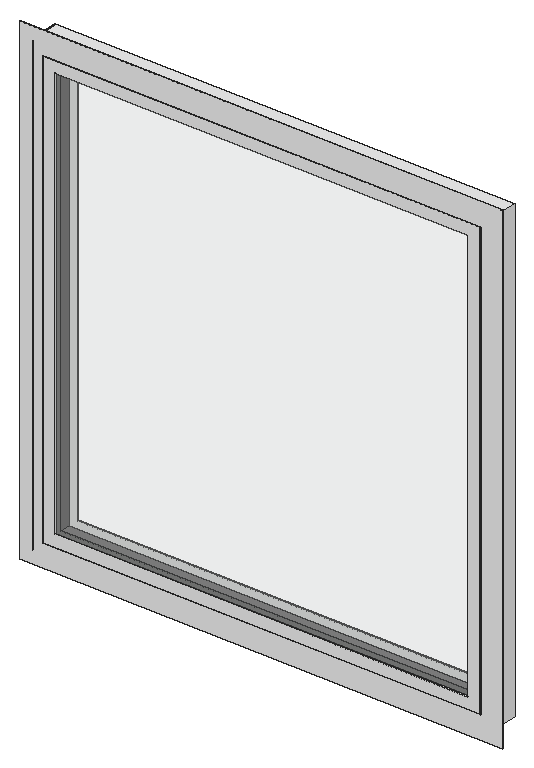
Revit family "Casement_36_F_Side_Hung_Custom", category Windows, host Wall, Revit 2014
Parameters (values of type "Casement_Sash_DG")
  Width Sash [instance] = 30 mm
  Width Sash Inner = 15 mm
  Width Bead = 15 mm
  Top Hung [instance] = yes
  Side Hung Right [instance] = yes
  Side Hung Left [instance] = yes
  Sash Opening Width [instance] = 600 mm
  Sash Opening Height [instance] = 600.312 mm
  Sash Lip = 15 mm
  Glazing Material [instance] = Glass
  DG Start Piece 2 [instance] = DG End Piece 1 + DG Gasket Thickness  # 25 mm
  DG Start Peice 1 [instance] = (Depth Sash - (2 * DG Glazing Thickness) - DG Gasket Thickness) / 2  # 6.6 mm
  Glazing Offset = 5 mm
  DG Glazing Thickness [instance] = 6.4 mm
  DG Gasket Thickness = 12 mm  # constant formula
  DG Gasket Material [instance] = Double Glazing Gasket Material
  DG End Piece 2 [instance] = DG Start Piece 2 + DG Glazing Thickness  # 31.4 mm
  DG End Piece 1 [instance] = DG Start Peice 1 + DG Glazing Thickness  # 13 mm
  Depth Sash [instance] = 38 mm
  Center Vertical Sash [instance] = Sash Opening Height / 2  # 300.156 mm
  Center Horizontal Sash [instance] = Sash Opening Width / 2  # 300 mm
  Bottom Hung [instance] = yes
  Bead Offset = 15 mm
  Aluminium Thickness = 1 mm
  Aluminium Material [instance] = White Powder Coated Aluminium
Reference planes
  plane 1 "Center (Front/Back)": y = 0
  plane 2: z = 0
  plane 3 "Center (Left/Right)": x = 0
Forms (mm)
  Sweep 1, solid, material "White Powder Coated Aluminium" <- "Aluminium Material"
    path origin (16.177, 0, 121.331) x (1, 0, 0) y (0, 0, 1)
      loop
        line (0, 0) -> (600, 0) -> (600, 600.312) -> (0, 600.312) -> (0, 0)
    profile origin (316.177, 0, 121.331) x (0, 0, 1) y (0, -1, 0)
      loop
        line (0, 0) -> (30, 0) -> (30, 1) -> (15, 1) -> (15, 38) -> (-15, 38) -> (-15, 37) -> (0, 37) -> (0, 0)
      loop
        line (14, 1) -> (14, 37) -> (1, 37) -> (1, 1) -> (14, 1)
  Sweep 2, solid, material "White Powder Coated Aluminium" <- "Aluminium Material"
    path origin (0, 0, 0) x (1, 0, 0) y (0, 0, 1)
      loop
        line (31.177, 706.643) -> (31.177, 136.331) -> (601.177, 136.331) -> (601.177, 706.643) -> (31.177, 706.643)
    profile origin (316.177, 0, 706.643) x (0, 0, 1) y (0, -1, 0)
      loop
        line (0, 37) -> (0, 38) -> (-15, 38) -> (-15, 37) -> (0, 37)
  Extrusion 3, solid, material "Glass" <- "Glazing Material"
    sketch origin (0, 0, 0) x (1, 0, 0) y (0, 0, 1)
      loop
        line (36.177, 701.643) -> (36.177, 141.331) -> (596.177, 141.331) -> (596.177, 701.643) -> (36.177, 701.643)
    from 6.6 <- "DG Start Peice 1" to 13 <- "DG End Piece 1"
  Extrusion 4, solid, material "Glass" <- "Glazing Material"
    sketch origin (0, 0, 0) x (1, 0, 0) y (0, 0, 1)
      loop
        line (36.177, 701.643) -> (36.177, 141.331) -> (596.177, 141.331) -> (596.177, 701.643) -> (36.177, 701.643)
    from 31.4 <- "DG End Piece 2" to 25 <- "DG Start Piece 2"
  Sweep 5, solid, material "Double Glazing Gasket Material" <- "DG Gasket Material"
    path origin (0, -13, 0) x (1, 0, 0) y (0, 0, 1)
      loop
        line (36.177, 701.643) -> (36.177, 141.331) -> (596.177, 141.331) -> (596.177, 701.643) -> (36.177, 701.643)
    profile origin (316.177, -13, 701.643) x (0, 0, 1) y (0, -1, 0)
      loop
        line (0, 0) -> (0, 12) -> (-7.96, 12) -> (-7.96, 0) -> (0, 0)
Lines and regions (mm)
  model lines
    curve 1: line (1.177, -38, 736.643) -> (31.177, -38, 706.643)
    curve 2: line (601.177, -38, 706.643) -> (631.177, -38, 736.643)
    curve 3: line (601.177, -38, 136.331) -> (631.177, -38, 106.331)
    curve 4: line (1.177, -38, 106.331) -> (31.177, -38, 136.331)
    curve 5: line (631.177, -37, 736.643) -> (616.177, -37, 721.643)
    curve 6: line (1.177, -37, 736.643) -> (16.177, -37, 721.643)
    curve 7: line (1.177, -37, 106.331) -> (16.177, -37, 121.331)
    curve 8: line (631.177, -37, 106.331) -> (616.177, -37, 121.331)
    curve 9: line (616.177, 0, 121.331) -> (586.177, 0, 151.331)
    curve 10: line (46.177, 0, 151.331) -> (16.177, 0, 121.331)
    curve 11: line (616.177, 0, 721.643) -> (586.177, 0, 691.643)
    curve 12: line (46.177, 0, 691.643) -> (16.177, 0, 721.643)
    curve 13: line (31.177, -38, 691.643) -> (46.177, -38, 691.643)
    curve 14: line (586.177, -38, 691.643) -> (601.177, -38, 691.643)
    curve 15: line (586.177, -38, 151.331) -> (601.177, -38, 151.331)
    curve 16: line (31.177, -38, 151.331) -> (46.177, -38, 151.331)
  model lines, style "GenericModelHiddenLines", visible <- "Top Hung"
    curve 17: line (46.386, -31.4, 690.914) -> (316.177, -31.4, 151.331)
    curve 18: line (316.177, -31.4, 151.331) -> (586.177, -31.4, 691.331)
  model lines, style "GenericModelHiddenLines", visible <- "Bottom Hung"
    curve 19: line (46.177, -31.4, 151.331) -> (316.177, -31.4, 691.331)
    curve 20: line (316.177, -31.4, 691.331) -> (586.177, -31.4, 151.331)
  model lines, style "GenericModelHiddenLines", visible <- "Side Hung Left"
    curve 21: line (46.386, -31.4, 690.914) -> (585.24, -31.4, 421.487)
    curve 22: line (585.24, -31.4, 421.487) -> (46.177, -31.4, 151.331)
  model lines, style "GenericModelHiddenLines", visible <- "Side Hung Right"
    curve 23: line (586.177, -31.4, 691.331) -> (46.177, -31.4, 421.487)
    curve 24: line (46.177, -31.4, 421.487) -> (586.177, -31.4, 151.331)
Dimensions and locks
  "Aluminium Thickness": Sweep 1 sketch curve to Sweep 1 sketch curve  (x4)
  "Depth Sash": Sweep 1 sketch curve to Sweep 1 sketch curve
  "Sash Opening Width": Sweep 1 to Sweep 1
  "Sash Opening Height": Sweep 1 to Sweep 1
  "Width Sash": Sweep 1 sketch curve to Sweep 1 sketch curve  (x2)
  "Width Sash Inner": Sweep 1 sketch curve to Sweep 1 sketch curve
  "Sash Lip": Sweep 1 sketch curve to Sweep 1 sketch curve
  "Aluminium Thickness": Sweep 1 to Sweep 2 sketch curve
  "Glazing Offset": Sweep 2 to Extrusion 3 sketch curve  (x3)
  "Glazing Offset": Extrusion 3 sketch curve to Sweep 2
  Sweep 1 to Sweep 1 = 1 mm
  "Aluminium Thickness": Sweep 2 sketch curve to Sweep 2 sketch curve
  "Width Bead": Sweep 2 sketch curve to Sweep 2 sketch curve
  locked: Sweep 5 sketch curve to Sweep 5 sketch curve at 7.96
  "Center Horizontal Sash": Sweep 1 to curve 18
  "Center Horizontal Sash": Sweep 1 to curve 20
  "Center Vertical Sash": Sweep 1 to curve 22
  "Center Vertical Sash": Sweep 1 to curve 24
  aligned and locked: level to plane 2
  aligned and locked: Sweep 1 sketch curve to Sweep 1 sketch curve  (x2)
  aligned and locked: Sweep 2 sketch curve to Sweep 1  (x5)
  aligned and locked: Extrusion 4 sketch curve to Extrusion 3  (x4)
  aligned and locked: Sweep 5 sketch curve to Extrusion 3  (x5)
  aligned and locked: Extrusion 3 to Sweep 5 sketch curve
Automatic sketch dimensions
  plane 3 "Center (Left/Right)" to Sweep 1 sketch curve = 16.177 mm
  level to Sweep 1 sketch curve = 121.331 mm
  plane 3 "Center (Left/Right)" to Sweep 1 sketch curve = 616.177 mm
  level to Sweep 1 sketch curve = 721.643 mm
  profile plane to Sweep 5 sketch curve = 12 mm
  curve 7 to Sweep 1 = 0 mm  (x4)
  curve 6 to Sweep 1 = 0 mm  (x3)
  Sweep 1 to curve 6 = 0 mm
  curve 5 to Sweep 1 = 0 mm  (x3)
  curve 8 to Sweep 1 = 0 mm  (x4)
  Sweep 1 to curve 5 = 0 mm
  curve 16 to Sweep 2 = 0 mm  (x3)
  curve 13 to Sweep 2 = 0 mm  (x3)
  curve 15 to Sweep 2 = 0 mm
  Sweep 2 to curve 15 = 0 mm  (x2)
  curve 14 to Sweep 2 = 0 mm  (x2)
  Sweep 2 to curve 14 = 0 mm
  curve 1 to Sweep 1 = 0 mm  (x4)
  curve 4 to Sweep 1 = 0 mm  (x3)
  Sweep 1 to curve 4 = 0 mm
  curve 3 to Sweep 1 = 0 mm  (x3)
  curve 2 to Sweep 1 = 0 mm  (x4)
  Sweep 1 to curve 3 = 0 mm
  curve 10 to Sweep 1 = 0 mm  (x4)
  curve 12 to Sweep 1 = 0 mm  (x3)
  Sweep 1 to curve 12 = 0 mm
  curve 9 to Sweep 1 = 0 mm  (x4)
  curve 11 to Sweep 1 = 0 mm  (x3)
  Sweep 1 to curve 11 = 0 mm
  Sweep 1 sketch curve to plane 1 "Center (Front/Back)" = 0 mm
  profile plane to Sweep 1 sketch curve = 0 mm
  curve 21 to Extrusion 4 = 10.208 mm
  curve 19 to Extrusion 4 = 10 mm
  curve 23 to Extrusion 4 = 10 mm  (x2)
  curve 22 to Extrusion 4 = 10.937 mm
  curve 20 to Extrusion 4 = 10 mm
  curve 24 to Extrusion 4 = 10 mm
  curve 22 to Extrusion 4 = 10 mm
  curve 18 to Extrusion 4 = 10 mm
  curve 21 to Extrusion 4 = 10.729 mm
  curve 19 to Extrusion 4 = 10.312 mm
  curve 18 to Extrusion 4 = 10.312 mm
